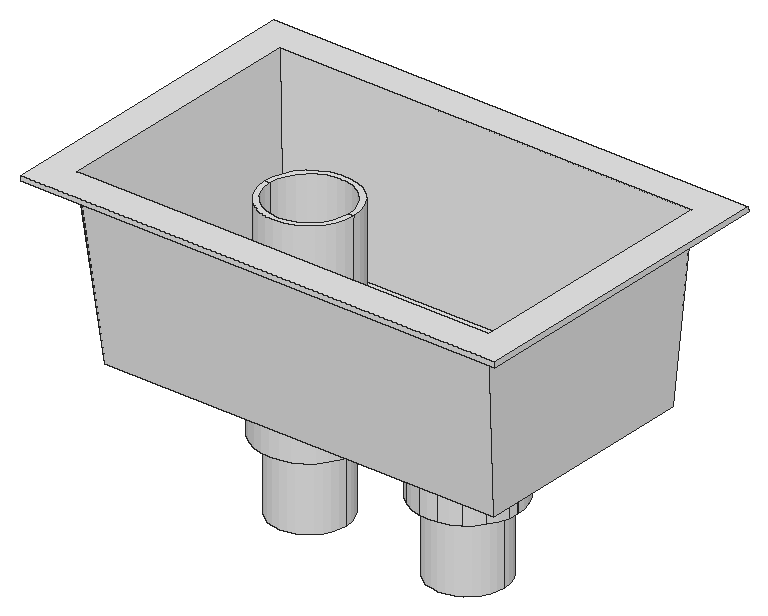
Revit family "Viking Roofspec Sump 02 M17", category Pipe Fittings, host Face, Revit 2021
Family settings
  Host = Face
  Round Connector Dimension = Use Diameter
  Part Type = Cap
  Cut with Voids When Loaded = No
  Shared = No
Parameters (values of type "Sumps IMR100 450x300x164mmd+100mm outlet")
  URL = "www.vikingroofspec.co.nz"
  Type Comments = "Viking Roofspec sump / overflow IMR100, installed as per manufacturers instructions."
  Pipe Diameter = 100 mm
  Overall Height = 297 mm
  Offset Pipe2 = 79.148 mm
  Offset Pipe1 = 70.669 mm
  Model = "IMR100"
  Material = Viking Roofspec - Plastic White
  Manufacturer = "Viking Roofspec"  # constant formula
  Flow Out = 5.1 L/s
  Flange Cut Width = 300 mm
  Flange Cut Length = 450 mm
  Default Elevation = 0 mm
  Component = IMR100 : IMR100
Reference planes
  plane 1 "Center (Front/Back)": y = 0
  plane 2: z = 0
  plane 3 "Center (Left/Right)": x = 0
  plane 4 "Pipe Connector": z = -297
  plane 5: x = -225
  plane 6: x = 225
  plane 7: y = -150
  plane 8: y = 150
Forms (mm)
  Extrusion 1, void
    sketch origin (0, 0, 0) x (1, 0, 0) y (0, 1, 0)
      loop
        circle (0, 0) r 115
    from -4 to 0
  Extrusion 2, void
    sketch origin (0, 0, 0) x (1, 0, 0) y (0, 1, 0)
      loop
        line (-225, 150) -> (-225, -150) -> (225, -150) -> (225, 150) -> (-225, 150)
    from 0 to -5
  Extrusion 3, void
    sketch origin (0, 0, 0) x (1, 0, 0) y (0, 1, 0)
      loop
        line (-200, 125) -> (-200, -125) -> (200, -125) -> (200, 125) -> (-200, 125)
    from 0 to -297
  Extrusion 4, solid, not visible
    sketch origin (0, 0, -297) x (0, -1, 0) y (1, 0, 0)
      loop
        circle (0, -70.669) r 35
    from 0 to 1
  Extrusion 5, solid, not visible
    sketch origin (149.817, 0, -297) x (0, -1, 0) y (1, 0, 0)
      loop
        circle (0, -70.669) r 35
    from 0 to 1
Dimensions and locks
  "Overall Height": host face to plane 4 "Pipe Connector"
  equal spacing: plane 5, plane 3 "Center (Left/Right)", plane 6
  equal spacing: plane 8, plane 1 "Center (Front/Back)", plane 7
  "Flange Cut Length": plane 5 to plane 6
  "Flange Cut Width": plane 8 to plane 7
  locked: plane 8 to Extrusion 3 sketch curve at 25
  locked: Extrusion 3 sketch curve to plane 7 at 25
  locked: plane 5 to Extrusion 3 sketch curve at 25
  locked: Extrusion 3 sketch curve to plane 6 at 25
  "Offset Pipe1": Extrusion 4 sketch curve to nested 1
  "Offset Pipe2": nested 1 to Extrusion 5 sketch curve
  diameter of Extrusion 1 sketch curve = 230 mm
  aligned and locked: plane 2 to host face
  aligned and locked: level to host face
  aligned and locked: Extrusion 2 to plane 5
  aligned and locked: plane 8 to Extrusion 2
  aligned and locked: plane 6 to Extrusion 2
  aligned and locked: Extrusion 2 to plane 7
  aligned and locked: Extrusion 3 to plane 4 "Pipe Connector"
Automatic sketch dimensions
  host sketch curve to host sketch curve = 2438.4 mm  (x2)
  plane 1 "Center (Front/Back)" to Extrusion 1 sketch curve = 0 mm
  Extrusion 1 sketch curve to plane 3 "Center (Left/Right)" = 0 mm
  Extrusion 2 sketch curve to plane 5 = 0 mm
  Extrusion 2 sketch curve to plane 6 = 0 mm
  Extrusion 2 sketch curve to plane 7 = 0 mm
  Extrusion 2 sketch curve to plane 8 = 0 mm
  plane 1 "Center (Front/Back)" to Extrusion 4 sketch curve = 0 mm
  plane 1 "Center (Front/Back)" to Extrusion 5 sketch curve = 0 mm
  radius of Extrusion 4 sketch curve = 35 mm
  radius of Extrusion 5 sketch curve = 35 mm
Nested families
  nested 1: "IMR100" at (0, 0, 0), type <- "Component", Material <- "Material", type "IMR100"
Connectors
  piping at (79.148, 0, -297), diameter 100, driven by "Pipe Diameter", driven by "Flow Out"
    settings: on Extrusion 5, index 4, connector inside diameter 609.6 mm, connector length 0 mm, flow factor 0, pipe flow 5.1 L/s, pressure drop 0.0 Pa, fitting loss kfactor 0, connector angle 0.00°, fixture units 0, engagement length 0 mm, angle of deflection 0.00°, flow configuration 1, flow direction 2, fitting loss method 4, system type 16, joint type 0, gender type 0, connector reference index -1, connector utility 0, adjustable connector no, is connector primary yes, connector description "Sump"
  piping at (-70.669, 0, -297), diameter 100, driven by "Pipe Diameter", driven by "Flow Out"
    settings: on Extrusion 4, index 5, connector inside diameter 609.6 mm, connector length 0 mm, flow factor 0, pipe flow 5.1 L/s, pressure drop 0.0 Pa, fitting loss kfactor 0, connector angle 0.00°, fixture units 0, engagement length 0 mm, angle of deflection 0.00°, flow configuration 1, flow direction 2, fitting loss method 4, system type 16, joint type 0, gender type 0, connector reference index -1, connector utility 0, adjustable connector no, is connector primary no, connector description "Sump Overflow"
Definition of nested family "IMR100"
  Parameters (values of type "IMR100")
    Material [instance] = none
    Default Elevation = 1219.2 mm
  Reference planes
    plane 1 "Center (Front/Back)": y = 0
    plane 2: z = 0
    plane 3 "Center (Left/Right)": x = 0
  Forms (mm)
    Revolve 1, solid, material <- "Material"
      sketch origin (-516.73, 0, 0) x (1, 0, 0) y (0, 0, 1)
        loop
          line (410.877, -229.917) -> (410.877, -296.917) -> (445.858, -296.917) -> (445.859, -163.741) -> (398.481, -163.741) -> (398.481, -229.917) -> (410.877, -229.917)
        axis (445.858, -296.917) -> (445.859, -163.741)
      angle from 0 to 360
    Extrusion 2, solid, material <- "Material"
      sketch origin (0, 0, 0) x (0, 1, 0) y (0, 0, 1)
        loop
          line (-150, 0) -> (-150, -5) -> (-120, -5) -> (-105.735, -163.741) -> (105.735, -163.741) -> (120, -5) -> (150, -5) -> (150, 0) -> (-150, 0)
      from -224.883 to 225.117
    Extrusion 3, void
      sketch origin (0, 0, 0) x (1, 0, 0) y (0, 0, 1)
        loop
          line (-243.545, -5) -> (-243.545, -170.235) -> (-180.035, -170.235) -> (-194.883, -5) -> (-243.545, -5)
      from -198.718 to 250
    Extrusion 4, void
      sketch origin (0, 0, 0) x (-1, 0, 0) y (0, 0, -1)
        loop
          line (-243.545, 5) -> (-195.117, 5) -> (-188.514, 170.235) -> (-243.545, 170.235) -> (-243.545, 5)
      from -198.718 to 250
    Revolve 5, solid, material <- "Material"
      sketch origin (-366.73, 0, 0) x (1, 0, 0) y (0, 0, 1)
        loop
          line (410.877, -229.917) -> (410.877, -296.917) -> (445.858, -296.917) -> (445.859, -163.741) -> (398.481, -163.741) -> (398.481, -229.917) -> (410.877, -229.917)
        axis (445.858, -296.917) -> (445.859, -163.741)
      angle from 0 to 360
    Revolve 6, solid, material <- "Material"
      sketch origin (0, 0, 0) x (1, 0, 0) y (0, 0, 1)
        loop
          line (-113.25, -31.235) -> (-113.25, -184.949) -> (-108.25, -184.949) -> (-108.25, -31.235) -> (-113.25, -31.235)
        axis (-70.872, -31.235) -> (-70.872, -184.949)
      angle from 0 to 360
    Blend 7, void
      base sketch origin (0, 0, 0) x (1, 0, 0) y (0, 1, 0)
        loop
          line (-194.883, 120) -> (-194.883, -120) -> (195.117, -120) -> (195.117, 120) -> (-194.883, 120)
      top sketch origin (0, 0, 0) x (1, 0, 0) y (0, 1, 0)
        loop
          line (-180.618, 105.735) -> (-180.618, -105.735) -> (188.773, -105.735) -> (188.773, 105.735) -> (-180.618, 105.735)
      from 0 to -158.741
    Extrusion 8, void
      sketch origin (0, 0, 0) x (1, 0, 0) y (0, 1, 0)
        loop
          circle (79.128, 0) r 42.378
      from -158.741 to -224.917
    Extrusion 9, void
      sketch origin (-150, 0, 0) x (1, 0, 0) y (0, 1, 0)
        loop
          circle (79.128, 0) r 42.378
      from -158.741 to -224.917
    Revolve 10, solid, material <- "Material"
      sketch origin (-366.73, 0, 0) x (1, 0, 0) y (0, 0, 1)
        loop
          line (410.877, -229.917) -> (410.877, -296.917) -> (445.858, -296.917) -> (445.859, -163.741) -> (398.481, -163.741) -> (398.481, -229.917) -> (410.877, -229.917)
        axis (445.858, -296.917) -> (445.859, -163.741)
      angle from 0 to 360
  Cuts and joins
    Extrusion 8, Extrusion 9 cuts Revolve 5
    Extrusion 9 cuts Revolve 1
    Extrusion 3, Extrusion 4, Blend 7, Extrusion 8, Extrusion 9 cuts Extrusion 2
    Extrusion 8 cuts Revolve 10
    joined: Revolve 1, Extrusion 2, Revolve 10
  Dimensions and locks
    aligned and locked: level to plane 2
